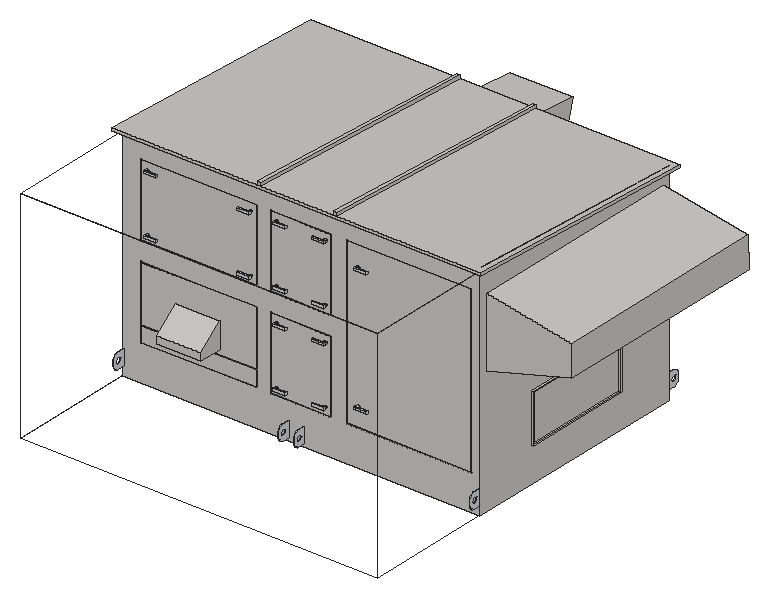
Revit family "DN-3RT-1FP-EH", category Mechanical Equipment, Revit 2016
Family settings
  Part Type = Normal
  Round Connector Dimension = Use Diameter
  OmniClass Number = 23.75.00.00
  OmniClass Title = Climate Control (HVAC)
  Work Plane-Based = No
  Always vertical = Yes
  Cut with Voids When Loaded = No
  Shared = No
  Room Calculation Point = No
Parameters (values of type "2 @ 2.70 kW ea.")
  Voltage [instance] = "200-240 V"
  Unit Weight Range (lbs) [instance] = "2750-3275 lbs."
  Max. Shipping Weight (lbs) [instance] = "2975-3500 lbs."
  Unit Dimensions (L x W x H) [instance] = "150-3/8\" x 106-1/8\" x 75-1/8\""
  Shipping Dimensions (L x W x H) [instance] = "140\" x 90\" x 81\""
  Unit [instance] = Renewaire - Galvanized Steel
  URL = "www.renewaire.com"
  Typical Airflow Range = "750-3300 CFM"
  Standard Features [instance] = "EC Motors for both airstreams, Direct drive backward inclined plenum, Higher ESP of up to 2.5\" w.g. at 3,000 CFM, Integrated programmable controls, True 100% face and bypass enthalpy based modulating economizer, Class 1 low leakage motorized isolation dampers, Stainless steel double-sloped drain pan with cooling option, 1\" Double wall foam injected 20 gauge galvanized panel construction with R6.5 insulation"
  Service Area Visibility [instance] = yes
  Service Area Box [instance] = Renewaire - Interference
  Revit Object Download Link [instance] = ""
  Phase [instance] = "Three"
  Options [instance] = "Heat pump, Modulating hot gas reheat, Steam or hot water coil, gas heat module or electric heater, Onboard variable frequency drives (VFDs) - both airstreams, Fused disconnect, Spring isolators (VFDs only), 2\" Double wall foam injected 20 gauge galvanized panel construction with R13 insulation, Exterior paint - grey, white, custom color, Salt spray - 2500 hours, BACNET factory activation, GFCI convenience outlet, Recirculation damper, Drain overflow switch,Mist eliminator, Electrofin coating for coils"
  Number Motors [instance] = "Qty. 2, Direct drive motorized impeller packages"
  Model = "DN-3RT-1FP-EH"
  Minimum Circuit Amps [instance] = "19.4 A"
  Maximum Overcurrent Protection [instance] = "25 A"
  Manufacturer = "Renewaire LLC"
  Inlets/Outlets [instance] = "OA & RA Inlets: 36\" x 16\", SA Outlet: 24\" x 16\", EA Outlet: 20\" x 16\""
  Frequency [instance] = "50/60 Hz"
  Filters [instance] = "Total qty. 6, MERV 8: 20\" x 20\" x 2\""
  FLA per Motor [instance] = "8.6-7.2"
  Energy Recovery Type [instance] = "Static plate total energy transfer"
  Description = "Energy Recovery Ventilator"
  Accessories [instance] = "Filters - MERV 13, 2\"  and 4\" (shipped loose), MERV 14, 2\" and 4\" (shipped loose), Additional filters available upon request, Roof curb - standard 14\", Hurricane or seismic rated curbs, Curb clip kit, Carbon dioxide sensor/control - wall mount (CO2-W), duct mount (CO2-D), IAQ sensor - wall mount (IAQ-W), duct mount (IAQ-D), Motion occupancy sensor/control - ceiling mount (MC-C), wall mount (MC-W), Smoke detector, Room temperature and humidity sensor, Duct static pressure sensor with display to 10\", without display 0-2\", Room pressure sensor with display to 1\", without display 0-1\", Waterless trap negative pressure, waterless trap positive pressure, Remote display"
  AHRI 1060 Certified Core [instance] = "Three L-125-G5"
Types (6): name | Voltage | Minimum Circuit Amps | Maximum Overcurrent Protection | FLA per Motor
  (no name) | "200-240 V" | "19.4 A" | "25 A" | "8.6-7.2"
  2 @ 2.70 kW ea. | "200-240 V" | "19.4 A" | "25 A" | "8.6-7.2"
  2 @ 3.70 kW ea. | "380-480 V" | "13.5 A" | "15 A" | "6.0-4.6"
  2 @ 5HP ea. 208-230V | "208-230 V" | "31.3 A" | "45 A" | "13.9-13.4/6.7"
  2 @ 5HP ea. 460V | "460V" | "15.1 A" | "20 A" | "6.7"
  2 @ 5HP ea. 575V | "575V" | "11.9 A" | "15 A" | "5.3"
Reference planes (in)
  plane 1 "Center (Front/Back)": y = 0
  plane 2: z = 0
  plane 3 "Center (Left/Right)": x = 0
  plane 4: y = -38.6875
  plane 5: x = -46.375
Forms (in)
  Extrusion 1, solid, material "Renewaire - Galvanized Steel" <- "Unit"
    sketch origin (0, 0, 0) x (0, 1, 0) y (0, 0, 1)
      loop
        line (38.6875, 68.86392) -> (-38.6875, 72.89316) -> (-38.6875, 0) -> (38.6875, 0) -> (38.6875, 68.86392)
    from 70.875 to -46.375
  Extrusion 2, void
    sketch origin (0, 0, 2) x (1, 0, 0) y (0, 0, 1)
      loop
        line (-40.29084, 63.82394) -> (-40.29084, 39.82168) -> (-2.29085, 39.82168) -> (-2.29085, 63.82394) -> (-40.29084, 63.82394)
      loop
        line (22.23876, 63.82394) -> (2.23876, 63.82394) -> (2.23876, 39.82168) -> (22.23876, 39.82168) -> (22.23876, 63.82394)
      loop
        line (68.1547, 63.82394) -> (27.15471, 63.82394) -> (27.15471, 9.82169) -> (68.1547, 9.82169) -> (68.1547, 63.82394)
      loop
        line (-40.29084, 33.82282) -> (-40.29084, 9.82055) -> (-2.29085, 9.82055) -> (-2.29085, 33.82282) -> (-40.29084, 33.82282)
      loop
        line (22.23876, 33.82282) -> (2.23876, 33.82282) -> (2.23876, 9.82055) -> (22.23876, 9.82055) -> (22.23876, 33.82282)
    from 39.6875 to 37.6875
  Extrusion 3, solid, material "Renewaire - Galvanized Steel" <- "Unit"
    sketch origin (0, 0, 0) x (0, 1, 0) y (0, 0, 1)
      loop
        line (12.02253, 30.88417) -> (-11.97747, 30.88417) -> (-11.97747, 14.88417) -> (12.02253, 14.88417) -> (12.02253, 30.88417)
      loop
        line (11.77253, 30.63417) -> (-11.72747, 30.63417) -> (-11.72747, 15.13417) -> (11.77253, 15.13417) -> (11.77253, 30.63417)
    from -46.375 to -47.375
  Extrusion 4, solid, material "Renewaire - Galvanized Steel" <- "Unit"
    sketch origin (0, 0, 2) x (1, 0, 0) y (0, 0, 1)
      loop
        line (-40.04084, 63.57394) -> (-40.04084, 40.07168) -> (-2.54085, 40.07168) -> (-2.54085, 63.57394) -> (-40.04084, 63.57394)
      loop
        line (27.40471, 63.57394) -> (27.40471, 10.07169) -> (67.9047, 10.07169) -> (67.9047, 63.57394) -> (27.40471, 63.57394)
      loop
        line (-40.04084, 33.57282) -> (-40.04084, 15.32055) -> (-2.54085, 15.32055) -> (-2.54085, 33.57282) -> (-40.04084, 33.57282)
      loop
        line (-40.04084, 10.07055) -> (-2.54085, 10.07055) -> (-2.54085, 15.07055) -> (-40.04084, 15.07055) -> (-40.04084, 10.07055)
      loop
        line (2.48876, 63.57394) -> (2.48876, 40.07168) -> (21.98876, 40.07168) -> (21.98876, 63.57394) -> (2.48876, 63.57394)
      loop
        line (2.48876, 33.57282) -> (2.48876, 10.07055) -> (21.98876, 10.07055) -> (21.98876, 33.57282) -> (2.48876, 33.57282)
    from 38.6875 to 37.6875
  Extrusion 5, solid, material "Renewaire - Galvanized Steel" <- "Unit"
    sketch origin (0, 0, 0) x (0, 1, 0) y (0, 0, 1)
      loop
        line (-17.97746, 27.82167) -> (-17.97746, 11.82167) -> (18.02254, 11.82167) -> (18.02254, 27.82167) -> (-17.97746, 27.82167)
      loop
        line (-17.72746, 27.57167) -> (-17.72746, 12.07167) -> (17.77254, 12.07167) -> (17.77254, 27.57167) -> (-17.72746, 27.57167)
    from 71.875 to 70.875
  Extrusion 6, void
    sketch origin (0, 0, 0) x (1, 0, 0) y (0, 1, 0)
      loop
        line (-44.375, 36.6875) -> (-44.375, -36.6875) -> (68.875, -36.6875) -> (68.875, 36.6875) -> (-44.375, 36.6875)
    from -1 to 8
  Extrusion 7, void
    sketch origin (0, 0, 0) x (1, 0, 0) y (0, 1, 0)
      loop
        line (64.82319, 18.02251) -> (48.8232, 18.02251) -> (48.8232, -17.97749) -> (64.82319, -17.97749) -> (64.82319, 18.02251)
      loop
        line (-22.65629, 11.9775) -> (-38.65629, 11.9775) -> (-38.65629, -12.0225) -> (-22.65629, -12.0225) -> (-22.65629, 11.9775)
    from 4 to 8.125
  Extrusion 8, solid, material "Renewaire - Galvanized Steel" <- "Unit"
    sketch origin (0, 0, 0) x (0, 1, 0) y (0, 0, 1)
      loop
        line (40.77402, 67.99062) -> (40.82511, 68.98932) -> (-40.7343, 73.16164) -> (-40.78539, 72.16294) -> (40.77402, 67.99062)
    from -48.375 to 72.75299
  Extrusion 9, solid, material "Renewaire - Galvanized Steel" <- "Unit"
    sketch origin (0, 0, 0) x (1, 0, 0) y (0, 0, 1)
      loop
        line (70.875, 64.44269) -> (70.875, 41.65389) -> (98.94202, 49.24372) -> (98.94202, 59.49372) -> (70.875, 64.44269)
    from -36.23016 to 36.21682
  Extrusion 10, solid, material "Renewaire - Galvanized Steel" <- "Unit"
    sketch origin (24.5, 0, 0) x (1, 0, 0) y (0, 0, 1)
      loop
        line (-70.875, 27.26407) -> (-75.22167, 26.09938) -> (-73.10516, 18.20047) -> (-70.875, 18.20047) -> (-70.875, 27.26407)
    from 13.86819 to 22.27834
  Extrusion 11, solid, material "Renewaire - Galvanized Steel" <- "Unit"
    sketch origin (0, 0, 0) x (0, 1, 0) y (0, 0, 1)
      loop
        line (-38.6875, 27.36287) -> (-46.3706, 21.36017) -> (-46.3706, 18.86017) -> (-38.6875, 18.86017) -> (-38.6875, 27.36287)
    from -29 to -14.5
  Extrusion 12, solid, material "Renewaire - Galvanized Steel" <- "Unit"
    sketch origin (0, 0, 0) x (0, 1, 0) y (0, 0, 1)
      loop
        line (38.6875, 64.62516) -> (38.6875, 46.19134) -> (55.10189, 46.19134) -> (59.85664, 62.7731) -> (38.6875, 64.62516)
    from 1.62724 to 22.31458
  Extrusion 13, solid, material "Renewaire - Interference" <- "Service Area Box"
    sketch origin (0, 0, 0) x (1, 0, 0) y (0, 1, 0)
      loop
        line (-46.375, -38.6875) -> (-46.375, -80.6875) -> (70.875, -80.6875) -> (70.875, -38.6875) -> (-46.375, -38.6875)
    from 0 to 71.88463
  Extrusion 14, solid, material "Renewaire - Galvanized Steel" <- "Unit"
    sketch origin (0, 0, 0) x (0, 1, 0) y (0, 0, 1)
      loop
        line (40.82511, 68.98932) -> (40.8762, 69.98801) -> (-40.68321, 74.16033) -> (-40.7343, 73.16164) -> (40.82511, 68.98932)
    from 0.5 to -0.5
  Extrusion 15, solid, material "Renewaire - Galvanized Steel" <- "Unit"
    sketch origin (0, 0, 0) x (0, 1, 0) y (0, 0, 1)
      loop
        line (40.82511, 68.98932) -> (40.8762, 69.98801) -> (-40.68321, 74.16033) -> (-40.7343, 73.16164) -> (40.82511, 68.98932)
    from 24.5 to 25.5
Cuts and joins
  Extrusion 2, Extrusion 6, Extrusion 7 cuts Extrusion 1
Dimensions and locks (in)
  aligned and locked: level to plane 2
  aligned and locked: cut or joined group of Extrusion 1, Extrusion 2, Extrusion 6, Extrusion 7 to Extrusion 4
  aligned and locked: Extrusion 4 to plane 4
  aligned and locked: cut or joined group of Extrusion 1, Extrusion 2, Extrusion 6, Extrusion 7 to nested 2
  aligned and locked: nested 1 to cut or joined group of Extrusion 1, Extrusion 2, Extrusion 6, Extrusion 7
  aligned and locked: cut or joined group of Extrusion 1, Extrusion 2, Extrusion 6, Extrusion 7 to Extrusion 13 sketch curve
  aligned and locked: Extrusion 13 sketch curve to cut or joined group of Extrusion 1, Extrusion 2, Extrusion 6, Extrusion 7  (x2)
Nested families (in)
  nested 1: "Lifting Lug" at (-46.125, -38.6875, 2.74993) x (0, -1, 0) z (0, 0, 1), Material <- "Unit", type "Lifting Lug"
    with Material Renewaire - Galvanized Steel
  nested 2: "Handle" at (-4.25267, -38.6875, 63.21643), type "Handle"
    with Right Handle no, Left Handle yes, Flip yes
  nested 3: "Lifting Lug" at (70.7892, -38.6875, 2.74993) x (0, -1, 0) z (0, 0, 1), Material <- "Unit", type "Lifting Lug"
    with Material Renewaire - Galvanized Steel
  nested 4: "Handle" at (-4.25267, -38.6875, 44.21643), type "Handle"
    with Right Handle no, Left Handle yes, Flip yes
  nested 5: "Handle" at (-38.16584, -38.6875, 63.21643) x (-1, 0, 0) z (0, 0, 1), type "Handle"
    with Right Handle no, Left Handle yes, Flip yes
  nested 6: "Handle" at (-38.16584, -38.6875, 44.21643) x (-1, 0, 0) z (0, 0, 1), type "Handle"
    with Right Handle no, Left Handle yes, Flip yes
  nested 7: "Handle" at (20.19534, -38.6875, 63.21643), type "Handle"
    with Right Handle no, Left Handle yes, Flip yes
  nested 8: "Handle" at (20.19534, -38.6875, 44.21643), type "Handle"
    with Right Handle no, Left Handle yes, Flip yes
  nested 9: "Handle" at (4.28217, -38.6875, 63.21643) x (-1, 0, 0) z (0, 0, 1), type "Handle"
    with Right Handle no, Left Handle yes, Flip yes
  nested 10: "Handle" at (4.28217, -38.6875, 44.21643) x (-1, 0, 0) z (0, 0, 1), type "Handle"
    with Right Handle no, Left Handle yes, Flip yes
  nested 11: "Handle" at (20.19534, -38.6875, 33.2153), type "Handle"
    with Right Handle no, Left Handle yes, Flip yes
  nested 12: "Handle" at (20.19534, -38.6875, 14.2153), type "Handle"
    with Right Handle no, Left Handle yes, Flip yes
  nested 13: "Handle" at (4.28217, -38.6875, 33.2153) x (-1, 0, 0) z (0, 0, 1), type "Handle"
    with Right Handle no, Left Handle yes, Flip yes
  nested 14: "Handle" at (4.28217, -38.6875, 14.2153) x (-1, 0, 0) z (0, 0, 1), type "Handle"
    with Right Handle no, Left Handle yes, Flip yes
  nested 15: "Lifting Lug" at (-46.125, 38.6875, 2.74993) x (0, 1, 0) z (0, 0, 1), Material <- "Unit", type "Lifting Lug"
    with Material Renewaire - Galvanized Steel
  nested 16: "Lifting Lug" at (70.7892, 38.6875, 2.74993) x (0, 1, 0) z (0, 0, 1), Material <- "Unit", type "Lifting Lug"
    with Material Renewaire - Galvanized Steel
  nested 17: "Lifting Lug" at (13.125, -38.6875, 0.74993) x (0, -1, 0) z (0, 0, 1), Material <- "Unit", type "Lifting Lug"
    with Material Renewaire - Galvanized Steel
  nested 18: "Lifting Lug" at (13.125, 38.6875, 2.74993) x (0, 1, 0) z (0, 0, 1), Material <- "Unit", type "Lifting Lug"
    with Material Renewaire - Galvanized Steel
  nested 19: "Lifting Lug" at (8.03541, 38.6875, 2.74993) x (0, 1, 0) z (0, 0, 1), Material <- "Unit", type "Lifting Lug"
    with Material Renewaire - Galvanized Steel
  nested 20: "Lifting Lug" at (8.03541, -38.6875, 0.74993) x (0, -1, 0) z (0, 0, 1), Material <- "Unit", type "Lifting Lug"
    with Material Renewaire - Galvanized Steel
  nested 21: "Handle" at (30.90471, -38.6875, 18.09892) x (-1, 0, 0) z (0, 0, 1), type "Handle"
    with Right Handle no, Left Handle yes, Flip yes
  nested 22: "Handle" at (30.90471, -38.6875, 59.07394) x (-1, 0, 0) z (0, 0, 1), type "Handle"
    with Right Handle no, Left Handle yes, Flip yes
Connectors (in)
  hvac at (-47.375, 0.02253, 22.88417)
    settings: on Extrusion 3, index 1, duct flow 0 CFM, flow factor 0, pres drop 0.00 in-wg, loss coef 0, conn angle 0.00°, conn width 24", conn height 16", conn diameter 24", duct sys type 1, conn prof type 1, flow config 0, flow direction 2, loss method 0, conn ref index -1, conn util no, is conn primary yes, conn desc "Supply Air (SA)"
  hvac at (56.8232, 0.02251, 8)
    settings: on cut or joined group of Extrusion 1, Extrusion 2, Extrusion 6, Extrusion 7, index 3, duct flow 0 CFM, flow factor 0, pres drop 0.00 in-wg, loss coef 0, conn angle 0.00°, conn width 36", conn height 16", conn diameter 24", duct sys type 2, conn prof type 1, flow config 0, flow direction 1, loss method 0, conn ref index -1, conn util no, is conn primary no, conn desc "Return Air (RA)"
  hvac at (71.875, 0.02254, 19.82167)
    settings: on Extrusion 5, index 4, duct flow 0 CFM, flow factor 0, pres drop 0.00 in-wg, loss coef 0, conn angle 0.00°, conn width 36", conn height 16", conn diameter 24", duct sys type 2, conn prof type 1, flow config 0, flow direction 1, loss method 0, conn ref index -1, conn util no, is conn primary no, conn desc "Return Air (RA)"
  hvac at (-30.65629, -0.0225, 8.125)
    settings: on cut or joined group of Extrusion 1, Extrusion 2, Extrusion 6, Extrusion 7, index 5, duct flow 0 CFM, flow factor 0, pres drop 0.00 in-wg, loss coef 0, conn angle 0.00°, conn width 16", conn height 24", conn diameter 24", duct sys type 1, conn prof type 1, flow config 0, flow direction 2, loss method 0, conn ref index -1, conn util no, is conn primary no, conn desc "Supply Air (SA)"
Definition of nested family "Lifting Lug"
  Parameters (values of type "Lifting Lug")
    Material [instance] = none
  Reference planes (in)
    plane 1 "Center (Front/Back)": y = 0
    plane 2: z = 0
    plane 3 "Center (Left/Right)": x = 0
  Forms (in)
    Extrusion 1, solid
      sketch origin (0, 0, 0) x (1, 0, 0) y (0, 0, 1)
        loop
          line (0, 0.1875) -> (2, 0.1875)
          arc (2, 0.1875) -> (3.41421, 0.77329) -> (4, 2.1875) r 2
          line (4, 2.1875) -> (4, 3.1875)
          arc (4, 3.1875) -> (3.41421, 4.60171) -> (2, 5.1875) r 2
          line (2, 5.1875) -> (0, 5.1875) -> (0, 0.1875)
        loop
          circle (2.125, 2.6875) r 1
      from 0 to 0.25
  Dimensions and locks (in)
    aligned and locked: plane 2 to level
Definition of nested family "Handle"
  Parameters (values of type "Handle")
    Right Handle [instance] = not(Flip)  # no
    Material = none
    Left Handle [instance] = Flip  # yes
    Flip [instance] = yes
  Reference planes (in)
    plane 1 "Center (Front/Back)": y = 0
    plane 2: z = 0
    plane 3 "Center (Left/Right)": x = 0
  Forms (in)
    Extrusion 1, solid, material <- "Material"
      sketch origin (0, 0, 0) x (1, 0, 0) y (0, 0, 1)
        loop
          circle (0, 0) r 0.375
      from 0 to 0.75
    Extrusion 2, solid, material <- "Material", visible <- "Right Handle"
      sketch origin (0, 0, 0) x (1, 0, 0) y (0, 1, 0)
        loop
          line (-0.375, -0.75) -> (-0.375, -1.25) -> (3.625, -1.25) -> (3.625, -0.75) -> (-0.375, -0.75)
      from -0.375 to 0.375
    Extrusion 3, solid, material <- "Material", visible <- "Left Handle"
      sketch origin (-3.25, 0, 0) x (1, 0, 0) y (0, 1, 0)
        loop
          line (-0.375, -0.75) -> (-0.375, -1.25) -> (3.625, -1.25) -> (3.625, -0.75) -> (-0.375, -0.75)
      from -0.375 to 0.375
  Dimensions and locks (in)
    aligned and locked: plane 2 to level
